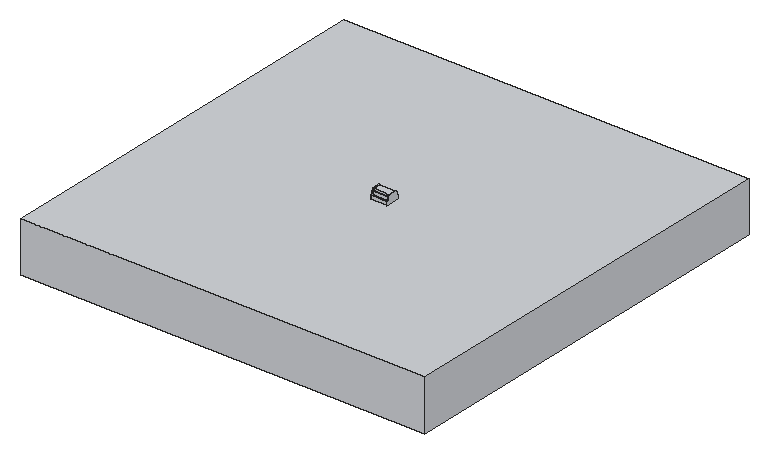
Revit family "Gira_129600", category Elektroinstallationen, Revit 2017
Family settings
  Basisbauteil = Fläche
  Beschriftungsausrichtung beibehalten = Nein
  Bemaßung runder Anschluss = Durchmesser verwenden
  Teiletyp = Normal
  Beim Laden mit Abzugskörper schneiden = Nein
  Gemeinsam genutzt = Nein
  Raumberechnungspunkt = Nein
Parameters (values of type "Spannungsversorgung DC 24 V 300 mA REG Türko")
  Default Elevation = 1219.2 mm
  URL = "https://www.gira.de/"
  Typname = "Spannungsversorgung DC 24 V 300 mA REG Türko"
  Type Comments = ""
  Stromart = "DC"
  Steuerfunktion = no
  Serviceanzeigen = no
  Schutzart (IP) = "IP20"
  Programmiersperre = no
  Produktseite = "https://media.live.bim.site/t/eyJhbGciOiJIUzI1NiIsInR5cCI6IkpXVCJ9.eyJjdCI6MiwidHUiOiJodHRwOi8va2F0YWxvZy5naXJhLmRlL2RlX0RFL2RhdGVuYmxhdHQuaHRtbD9hcnRpa2VsbnI9MTI5NjAwIiwiY2lkIjoiZmVkOThlOWEtMWJkOC00YzY4LWE3M2ItNzRhOTRlMzE1ODIzIiwicmlkIjoiMjljMzNkNTIxMTU0NTBlNDM1NDNlNWNjMjEyYWRkZjYiLCJwaWQiOiIyMWRmMWU1NmM3YWNjZDg4MDY3N2YzN2JjOWY5NmU4ZDlhZWY3NzQzIiwic2lkIjoiNjM0NzAiLCJ1dCI6MSwibGMiOiJkZSIsImlhdCI6MTYwNjk3ODY1OSwiaXNzIjoiaHR0cHM6Ly9hcGkubGl2ZS5iaW0uc2l0ZSIsInN1YiI6IjhkM2FhNWNiLWUwNjYtNDU5OC1iZTE2LTZlMTZlZTc0OTU2YSJ9.FNA9wGfgHV2elAKYBbayMs9MoZRwlALfzzXOixr22MU"
  Model = ""
  Cost = 0
  Ist Zubehör = no
  Ist System = no
  Integrierte Türöffnerschaltung = no
  Installationstechnik = "Bus-System"
  Hersteller = "Gira"
  HeinzeBIM = "https://www.heinze.de/bim/spannungsversorgung-dc-24-v-300-ma-reg-tuerko/21df1e56c7accd880677f37bc9f96e8d9aef7743"
  HAN = "129600"
  GTIN = "4010337296003"
  Eingangsspannung [Volt] = 230
  Datenblatt 1 = "https://media.live.bim.site/t/eyJhbGciOiJIUzI1NiIsInR5cCI6IkpXVCJ9.eyJjdCI6MSwidGYiOiJwdWJsaWMvZ2lyYS8xMTljZWFmLzEyOTYwMC50eHQiLCJjaWQiOiJmZWQ5OGU5YS0xYmQ4LTRjNjgtYTczYi03NGE5NGUzMTU4MjMiLCJyaWQiOiIyOWMzM2Q1MjExNTQ1MGU0MzU0M2U1Y2MyMTJhZGRmNiIsInBpZCI6IjIxZGYxZTU2YzdhY2NkODgwNjc3ZjM3YmM5Zjk2ZThkOWFlZjc3NDMiLCJzaWQiOiI2MzQ3MCIsInV0IjoxLCJsYyI6ImRlIiwiaWF0IjoxNjA2OTc4NjU5LCJpc3MiOiJodHRwczovL2FwaS5saXZlLmJpbS5zaXRlIiwic3ViIjoiOGQzYWE1Y2ItZTA2Ni00NTk4LWJlMTYtNmUxNmVlNzQ5NTZhIn0.4BdNDAzGWmJtBmMisAG6To4IT7pDT8ZSh662r5rlTpk/129600.txt"
  Datenblatt = "https://media.live.bim.site/t/eyJhbGciOiJIUzI1NiIsInR5cCI6IkpXVCJ9.eyJjdCI6MSwidHUiOiJodHRwczovL2thdGFsb2cuZ2lyYS5kZS9kZV9ERS9kb3dubG9hZC5odG1sP2FydGlrZWxucj0xMjk2MDAiLCJjaWQiOiJmZWQ5OGU5YS0xYmQ4LTRjNjgtYTczYi03NGE5NGUzMTU4MjMiLCJyaWQiOiIyOWMzM2Q1MjExNTQ1MGU0MzU0M2U1Y2MyMTJhZGRmNiIsInBpZCI6IjIxZGYxZTU2YzdhY2NkODgwNjc3ZjM3YmM5Zjk2ZThkOWFlZjc3NDMiLCJzaWQiOiI2MzQ3MCIsInV0IjoxLCJsYyI6ImRlIiwiaWF0IjoxNjA2OTc4NjU5LCJpc3MiOiJodHRwczovL2FwaS5saXZlLmJpbS5zaXRlIiwic3ViIjoiOGQzYWE1Y2ItZTA2Ni00NTk4LWJlMTYtNmUxNmVlNzQ5NTZhIn0.7gmMW-4UG1mtlyPtS3z49lUqtqqypfjxElnk2snT0D4"
  Beschreibung = "Spannungsversorgung für Türkommunikation DC 24 V 300 mA  REG Merkmale:  Spannungsversorgung DC 24 V zur Versorgung von Türkommunikations-Komponenten.  Versorgung der Farbkamera in großen Objekten.  Versorgung der Ruftastenausleuchtung in großen Objekten.  Versorgung des TKS-TK-Gateways, wenn das Steuergerät Video verwendet wird.  Versorgung von Keyless In Codetastatur."
  Assembly Code = ""
  Keynote = ""
  BIMSITE_PRODUCT_ID = "21df1e56c7accd880677f37bc9f96e8d9aef7743"
  BIM = "https://media.live.bim.site/t/eyJhbGciOiJIUzI1NiIsInR5cCI6IkpXVCJ9.eyJjdCI6MSwidGYiOiJwdWJsaWMvZ2lyYS8xMTljZWFmLzEyOTYgMDBfUkVHIDYucmZhIiwiY2lkIjoiZmVkOThlOWEtMWJkOC00YzY4LWE3M2ItNzRhOTRlMzE1ODIzIiwicmlkIjoiMjljMzNkNTIxMTU0NTBlNDM1NDNlNWNjMjEyYWRkZjYiLCJwaWQiOiIyMWRmMWU1NmM3YWNjZDg4MDY3N2YzN2JjOWY5NmU4ZDlhZWY3NzQzIiwic2lkIjoiNjM0NzAiLCJ1dCI6NSwibGMiOiJkZSIsImlhdCI6MTYwNjk3ODY1OSwiaXNzIjoiaHR0cHM6Ly9hcGkubGl2ZS5iaW0uc2l0ZSIsInN1YiI6IjhkM2FhNWNiLWUwNjYtNDU5OC1iZTE2LTZlMTZlZTc0OTU2YSJ9.MgkBTnhXRfVKMCCV7hoRz0RKZmbJGrSmqKwYaoC3LZs/1296 00_REG 6.rfa"
  Auswertefunktion = no
  Ausgangsspannung [Volt] = 24
  Anwendung = "sonstige"
Reference planes
  plane 1 "Center (Front/Back)": y = 0
  plane 2: z = 0
  plane 3 "Center (Left/Right)": x = 0
Forms (mm)
  Extrusion 1, solid
    sketch origin (0, 0, 0) x (1, 0, 0) y (0, 1, 0)
      loop
        line (-1219.2, 1219.2) -> (-1219.2, -1219.2) -> (1219.2, -1219.2) -> (1219.2, 1219.2) -> (-1219.2, 1219.2)
    from 0 to -304.8
  Extrusion 2, solid, detail levels fine
    sketch origin (0, 0, 0) x (0, 1, 0) y (0, 0, 1)
      loop
        line (23, 49.5) -> (-23, 49.5) -> (-23, 39) -> (-30, 39) -> (-30, 20) -> (-43, 20) -> (-43, 0) -> (-41, 0) -> (-41, 18.5) -> (-28.5, 18.5) -> (-28.5, 37.5) -> (-21.5, 37.5) -> (-21.5, 45.5) -> (21.5, 45.5) -> (21.5, 37.5) -> (28.5, 37.5) -> (28.5, 18.5) -> (41, 18.5) -> (41, 0) -> (43, 0) -> (43, 20) -> (30, 20) -> (30, 39) -> (23, 39) -> (23, 49.5)
    from -47.45 to 47.45
  Extrusion 3, solid, detail levels medium
    sketch origin (0, 0, 0) x (0, 1, 0) y (0, 0, 1)
      loop
        line (23, 49.5) -> (-23, 49.5) -> (-23, 39) -> (-30, 39) -> (-30, 20) -> (-43, 20) -> (-43, 0) -> (43, 0) -> (43, 20) -> (30, 20) -> (30, 39) -> (23, 39) -> (23, 49.5)
    from -49.95 to 49.95
  Extrusion 4, solid, detail levels coarse
    sketch origin (0, 0, 0) x (1, 0, 0) y (0, 1, 0)
      loop
        line (-49.95, -43) -> (49.95, -43) -> (49.95, 43) -> (-49.95, 43) -> (-49.95, -43)
    from 0 to 49.5
  Extrusion 5, solid, detail levels fine
    sketch origin (-28.55, 0, 0) x (0, 1, 0) y (0, 0, 1)
      loop
        line (23, 49.5) -> (-23, 49.5) -> (-23, 39) -> (-30, 39) -> (-30, 20) -> (-43, 20) -> (-43, 0) -> (43, 0) -> (43, 20) -> (30, 20) -> (30, 39) -> (23, 39) -> (23, 49.5)
    from 76 to 78.5
  Extrusion 6, solid, detail levels fine
    sketch origin (28.55, 0, 0) x (0, 1, 0) y (0, 0, -1)
      loop
        line (23, -49.5) -> (23, -39) -> (30, -39) -> (30, -20) -> (43, -20) -> (43, 0) -> (-43, 0) -> (-43, -20) -> (-30, -20) -> (-30, -39) -> (-23, -39) -> (-23, -49.5) -> (23, -49.5)
    from 76 to 78.5
Dimensions and locks
  aligned and locked: plane 2 to Extrusion 1
  aligned and locked: level to Extrusion 1
